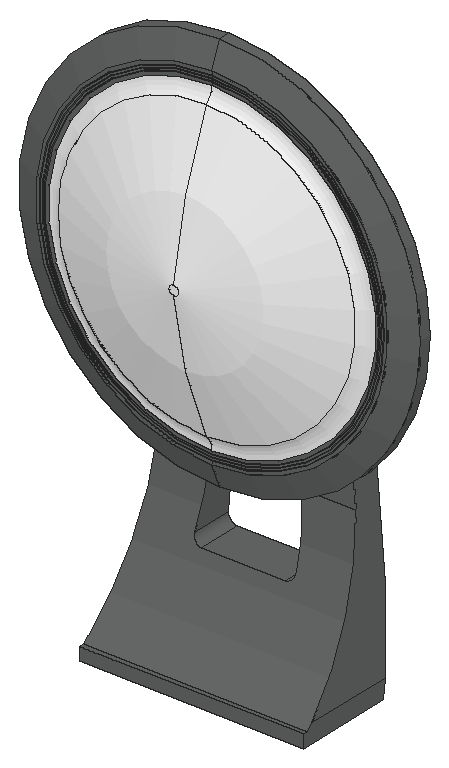
Revit family "PGL8_Wall_Mount", category Lighting Fixtures, host Face, Revit 2021
Family settings
  Host = Face
  Round Connector Dimension = Use Diameter
  Part Type = Normal
  OmniClass Number = 23.80.70.00
  OmniClass Title = Lighting
  Cut with Voids When Loaded = No
  Light Source = Yes
  Shared = No
  Room Calculation Point = No
Parameters
  Width = 8.85"
  Wattage = 111.6 W
  Warranty = "5 Years Limited Warranty"
  built-in parameter 1150110 = 1 (stored number, unit not read)
  URL = "https://www.currentlighting.com/kimlighting"
  Type Comments = "Light Fixture"  # constant formula
  built-in parameter 1114217 = 1 (stored number, unit not read)
  Tilt Angle = -90.00°
  built-in parameter 1150109 = 1 (stored number, unit not read)
  built-in parameter 1150134 = 3
  built-in parameter 1150113 = 1 (stored number, unit not read)
  Product page URL = ""
  Product Documentation = ""
  Power Factor = "0.90"
  Photometric Web File = "PGL8-5C-128L-110-3K7.ies"
  Model = "PGL8"  # constant formula
  Manufacturer = "KIM LIGHTING"  # constant formula
  built-in parameter 1150105 = 950.25 (stored number, unit not read)
  Lumens = 11941.2 lm
  built-in parameter 1150115 = 1 (stored number, unit not read)
  built-in parameter 1150137 = (empty or 0)
  built-in parameter 1150139 = (empty or 0)
  built-in parameter 1150112 = 1 (stored number, unit not read)
  built-in parameter 1150114 = 1 (stored number, unit not read)
  Lamp = "LED"
  built-in parameter 1150132 = (empty or 0)
  built-in parameter 1150102 = (empty or 0)
  built-in parameter 1150107 = 3200 (stored number, unit not read)
  built-in parameter 1150138 = (empty or 0)
  built-in parameter 1150106 = 9.5025 (stored number, unit not read)
  IP Rating = "IP 65"
  Housing = Paint -  Basic Black Textured
  Glass = Paint - Matte White
  Features = "Patent pending edge-lit, drop lens optic\r\n• The PGL8 offers exceptional uniformity and visual comfort with four\r\nstandard distribution patterns\r\n• Multiple control options available for an intelligent parking garage\r\nlighting solution\r\n• Integral sensors, battery backup and uplight"  # constant formula
  Emit from Circle Diameter = 14.00"
  Emit Shape Visible in Rendering = no
  built-in parameter 1150104 = 9.9406 (stored number, unit not read)
  Distribution = "Type V Concentrated, Type V Square, Type V Rectangular, Asymmetric"  # constant formula
  Dimming Lamp Color Temperature Shift = <None>
  Dimming Interface = "0-10V"
  Description = "The legacy of the PGL continues with the PGL8 edge-lit with drop lens. The PGL8 provides effective solutions for meeting the dynamics and challenges of parking garage applications including IES recommendations. The drop lens reduces glare providing exceptional visual comfort and performance, making the PGL8 the ideal solution for parking garage and canopy applications."  # constant formula
  Default Elevation = 48.00"
  Contact us = ""
  Color Filter = 16777215
  Certifications = "UL listed"
  built-in parameter 1114218 = 1 (stored number, unit not read)
  built-in parameter 1150133 = 10 (stored number, unit not read)
  Assembly Code = "D5020200"
Reference planes (in)
  plane 1 "Center (Front/Back)": y = 0
  plane 2: z = 0
  plane 3 "Center (Left/Right)": x = 0
  plane 4: x = -4.425
  plane 5: x = 4.425
  plane 6: z = -2.29
  plane 7: z = 2.47
  plane 8: z = 3.84
  plane 9: z = 22.98532
  plane 10: z = 7.60251
Forms (in)
  Revolve 1, solid, material "Paint -  Basic Black Textured" <- "Housing"
    sketch origin (0.0201, 0.95168, 15.04392) x (0, 0, 1) y (0, -1, 0)
      loop
        line (6.96971, 2.15281) -> (6.84475, 2.15281) -> (6.84475, 2.12057) -> (6.801, 2.12057) -> (6.801, 2.15281) -> (6.73523, 2.15281) -> (6.73523, 2.12057) -> (6.70019, 2.12057) -> (6.70019, 2.15281) -> (6.63381, 2.15281) -> (6.63381, 2.12057) -> (6.59876, 2.12057) -> (6.59876, 2.15281) -> (0, 2.15281) -> (0, 0) -> (5.5, 0)
        arc (5.5, 0) -> (6.77401, 0.562) -> (7.9446, 1.3161) r 8.88724
        line (7.9446, 1.3161) -> (7.9446, 1.75893) -> (6.96971, 2.15281)
      axis (0, 2.15281) -> (0, 0)
    angle from 0 to 360
  Revolve 2, solid, material "Paint - Matte White" <- "Glass"
    sketch origin (0.0201, 3.32668, 15.04392) x (0, 0, 1) y (0, -1, 0)
      loop
        line (0, 6.40378) -> (0, 4.52781) -> (6.46971, 4.52781)
        arc (6.46971, 4.52781) -> (6.15461, 4.58638) -> (5.88161, 4.75428) r 0.87683
        arc (5.88161, 4.75428) -> (3.01494, 5.84338) -> (0, 6.40378) r 17.12612
      axis (0, 6.40378) -> (0, 4.52781)
    angle from 0 to 360
  Extrusion 3, void
    sketch origin (0.0201, 0.95168, 15.04392) x (0, 0, 1) y (-1, 0, 0)
      loop
        line (-0.04014, 0.92024) -> (-0.04014, 0.74881)
        arc (-0.04014, 0.74881) -> (-0.52954, 0.52803) -> (-0.74233, 0.03511) r 0.74286
        line (-0.74233, 0.03511) -> (-0.91723, 0.03511) -> (-0.91723, -0.03712) -> (-0.74155, -0.03712)
        arc (-0.74155, -0.03712) -> (-0.521, -0.5225) -> (-0.03209, -0.73513) r 0.74286
        line (-0.03209, -0.73513) -> (-0.03209, -0.91421) -> (0.04014, -0.91421) -> (0.04014, -0.73474)
        arc (0.04014, -0.73474) -> (0.52671, -0.51682) -> (0.74198, -0.02908) r 0.74286
        line (0.74198, -0.02908) -> (0.91723, -0.02908) -> (0.91723, 0.04315) -> (0.74198, 0.04315)
        arc (0.74198, 0.04315) -> (0.52386, 0.53374) -> (0.03209, 0.74921) r 0.74286
        line (0.03209, 0.74921) -> (0.03209, 0.92024) -> (-0.04014, 0.92024)
    from 4.00885 to 4.58783
  Extrusion 4, solid, material "Paint -  Basic Black Textured" <- "Housing"
    sketch origin (0.86385, 2.15777, 0) x (0, 1, 0) y (0, 0, 1)
      loop
        line (0, 16.47) -> (-1.13, 16.47) -> (-1.13, 6.84432)
        arc (-1.13, 6.84432) -> (-1.99961, 3.37407) -> (-4.13, 0.5) r 9.17723
        line (-4.13, 0.5) -> (-4.34, 0.5) -> (-4.34, 0) -> (-0.4036, 0)
        arc (-0.4036, 0) -> (-0.17132, 1.9168) -> (0, 3.84) r 60.8125
        line (0, 3.84) -> (0, 16.47)
    from -5.28885 to 3.56115
  Extrusion 5, void
    sketch origin (0, 0, 0) x (1, 0, 0) y (0, 0, 1)
      loop
        line (-6.95004, 18.78374) -> (-6.95004, 2.47) -> (-6.95004, 0.7037) -> (-4.40857, 0.7037) -> (-2.95004, 18.78374) -> (-6.95004, 18.78374)
      loop
        line (6.95004, 18.78374) -> (2.95004, 18.78374) -> (4.40857, 0.7037) -> (6.95004, 0.7037) -> (6.95004, 2.47) -> (6.95004, 18.78374)
      loop
        line (-1.66895, 3.84) -> (1.67059, 3.84)
        arc (1.67059, 3.84) -> (1.92783, 3.95267) -> (2.01946, 4.21814) r 0.35
        line (2.01946, 4.21814) -> (1.59347, 9.49871)
        arc (1.59347, 9.49871) -> (1.48193, 9.72782) -> (1.2446, 9.82057) r 0.35
        line (1.2446, 9.82057) -> (-1.2446, 9.82057)
        arc (-1.2446, 9.82057) -> (-1.48193, 9.72782) -> (-1.59347, 9.49871) r 0.35
        line (-1.59347, 9.49871) -> (-2.01932, 4.21978)
        arc (-2.01932, 4.21978) -> (-1.92731, 3.95316) -> (-1.66895, 3.84) r 0.35151
    from -2.63281 to 2.53588
Cuts and joins
  Extrusion 3 cuts Revolve 2
  Extrusion 5 cuts Extrusion 4
Dimensions and locks (in)
  equal spacing: plane 4, plane 3 "Center (Left/Right)", plane 5
  "Width": plane 4 to plane 5
  aligned and locked: plane 2 to host face
  aligned and locked: level to host face
  aligned and locked: Extrusion 4 to plane 4
  aligned and locked: plane 5 to Extrusion 4
Automatic sketch dimensions
  host sketch curve to host sketch curve = 96.00"  (x2)
  Revolve 1 sketch curve to plane 1 "Center (Front/Back)" = 0.95168"
  plane 10 to Revolve 1 sketch curve = 7.44141"  (x2)
  Revolve 1 sketch curve to plane 9 = 5.38028"
  Revolve 1 sketch curve to plane 9 = 2.44141"
  plane 1 "Center (Front/Back)" to Revolve 1 sketch curve = 1.20113"  (x2)
  Revolve 1 sketch curve to plane 9 = 1.34264"
  Revolve 1 sketch curve to Revolve 1 sketch curve = 0.03505"  (x2)
  Revolve 1 sketch curve to Revolve 1 sketch curve = 0.06638"
  Revolve 1 sketch curve to Revolve 1 sketch curve = 0.06577"
  Revolve 1 sketch curve to Revolve 1 sketch curve = 0.04375"
  Revolve 1 sketch curve to Revolve 1 sketch curve = 0.12495"
  plane 9 to Revolve 1 sketch curve = 0.00319"
  plane 1 "Center (Front/Back)" to Revolve 1 sketch curve = 0.36442"
  plane 1 "Center (Front/Back)" to Revolve 1 sketch curve = 0.80724"
  Revolve 1 sketch curve to Revolve 1 sketch curve = 0.03224"  (x4)
  Revolve 1 sketch curve to Revolve 1 sketch curve = 0.00"
  Revolve 1 sketch curve to Revolve 1 sketch curve = 17.00"
  Revolve 1 sketch curve to Revolve 1 sketch curve = 22.54147"
  Revolve 2 sketch curve to plane 8 = 9.59424"
  plane 1 "Center (Front/Back)" to Revolve 2 sketch curve = 3.0771"
  Revolve 2 sketch curve to plane 8 = 11.20392"
  plane 1 "Center (Front/Back)" to Revolve 2 sketch curve = 2.07796"
  Revolve 2 sketch curve to Revolve 2 sketch curve = 6.46971"
  plane 1 "Center (Front/Back)" to Revolve 2 sketch curve = 1.20113"
  Revolve 2 sketch curve to plane 1 "Center (Front/Back)" = 13.97321"
  Revolve 2 sketch curve to Revolve 2 sketch curve = 0.00"
  Revolve 2 sketch curve to plane 1 "Center (Front/Back)" = 4.57668"
  Revolve 2 sketch curve to Revolve 2 sketch curve = 2.84622"
  Extrusion 3 sketch curve to Extrusion 3 sketch curve = 0.00"  (x13)
  Extrusion 3 sketch curve to plane 3 "Center (Left/Right)" = 0.01501"
  Extrusion 3 sketch curve to plane 8 = 10.28669"
  Extrusion 3 sketch curve to Extrusion 3 sketch curve = 0.17489"
  Extrusion 3 sketch curve to Extrusion 3 sketch curve = 0.00078"
  Extrusion 3 sketch curve to Extrusion 3 sketch curve = 0.7022"
  Extrusion 3 sketch curve to Extrusion 3 sketch curve = 0.70946"
  Extrusion 3 sketch curve to Extrusion 3 sketch curve = 0.03209"
  Extrusion 3 sketch curve to Extrusion 3 sketch curve = 0.07223"  (x4)
  Extrusion 3 sketch curve to Extrusion 3 sketch curve = 0.74198"
  Extrusion 3 sketch curve to Extrusion 3 sketch curve = 0.17524"
  Extrusion 3 sketch curve to Extrusion 3 sketch curve = 0.02807"
  Extrusion 3 sketch curve to Extrusion 3 sketch curve = 0.03612"
  Extrusion 3 sketch curve to Extrusion 3 sketch curve = 0.17947"
  Extrusion 3 sketch curve to Extrusion 3 sketch curve = 0.17143"
  Extrusion 4 sketch curve to level = 0.00"
  plane 8 to Extrusion 4 sketch curve = 0.00"
  Extrusion 4 sketch curve to plane 8 = 4.43343"
  plane 1 "Center (Front/Back)" to Extrusion 4 sketch curve = 58.49291"
  Extrusion 4 sketch curve to plane 8 = 3.45716"
  plane 1 "Center (Front/Back)" to Extrusion 4 sketch curve = 8.13828"
  level to Extrusion 4 sketch curve = 0.50"
  plane 1 "Center (Front/Back)" to Extrusion 4 sketch curve = 2.18223"
  Extrusion 4 sketch curve to Extrusion 4 sketch curve = 0.21"
  Extrusion 4 sketch curve to plane 1 "Center (Front/Back)" = 1.02777"
  Extrusion 4 sketch curve to plane 1 "Center (Front/Back)" = 1.75417"
  Extrusion 4 sketch curve to Extrusion 4 sketch curve = 9.62568"
  Extrusion 5 sketch curve to plane 7 = 0.00"  (x2)
  Extrusion 5 sketch curve to plane 8 = 0.00"
  Extrusion 5 sketch curve to plane 4 = 2.52504"
  plane 4 to Extrusion 5 sketch curve = 0.01643"
  plane 4 to Extrusion 5 sketch curve = 1.47496"
  Extrusion 5 sketch curve to plane 8 = 0.37978"
  Extrusion 5 sketch curve to plane 3 "Center (Left/Right)" = 2.01932"
  Extrusion 5 sketch curve to Extrusion 5 sketch curve = 0.35038"
  Extrusion 5 sketch curve to plane 3 "Center (Left/Right)" = 1.59347"
  Extrusion 5 sketch curve to Extrusion 5 sketch curve = 0.34887"  (x3)
  plane 3 "Center (Left/Right)" to Extrusion 5 sketch curve = 1.2446"
  plane 3 "Center (Left/Right)" to Extrusion 5 sketch curve = 1.67059"
  Extrusion 5 sketch curve to plane 8 = 0.37814"
  Extrusion 5 sketch curve to plane 5 = 1.47496"
  Extrusion 5 sketch curve to plane 5 = 0.01643"
  plane 5 to Extrusion 5 sketch curve = 2.52504"
  level to Extrusion 5 sketch curve = 0.7037"  (x2)
  Extrusion 5 sketch curve to Extrusion 5 sketch curve = 5.27906"
  Extrusion 5 sketch curve to Extrusion 5 sketch curve = 0.02814"
  Extrusion 5 sketch curve to Extrusion 5 sketch curve = 0.35"
  Extrusion 5 sketch curve to Extrusion 5 sketch curve = 8.96317"
  Extrusion 5 sketch curve to Extrusion 5 sketch curve = 0.00"
Connectors (in)
  electrical at (0, -0.21403, 0)
    settings: on cut or joined group of Extrusion 4, Extrusion 5, index 1, voltage 120 V, apparent load 100 VA, apparent load phase1 0 VA, apparent load phase2 0 VA, apparent load phase3 0 VA, power factor 0.9, load classification "Other", number of poles 1, system type 30, power factor state 1, is connector primary yes, connector utility no, sub classification motor no, connector description "Lighting Connector"
